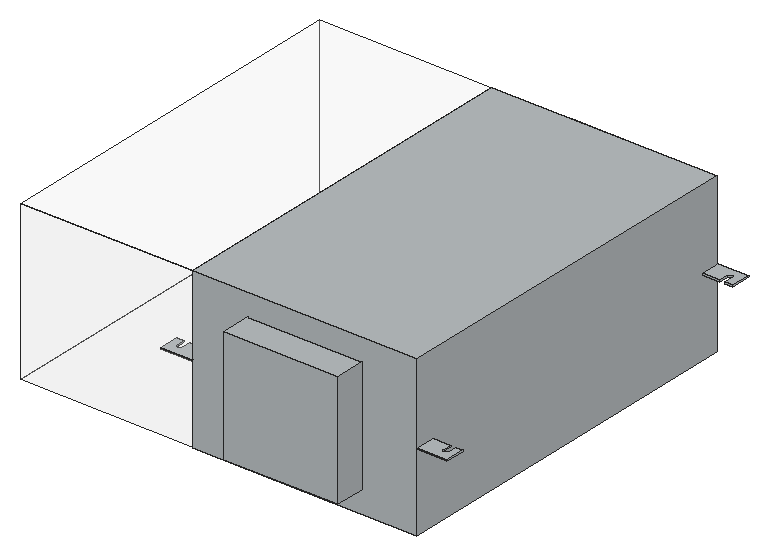
Revit family "7_天吊埋込タイプ 消音形(角ダクト) 3相200V-60", category 機械設備, Revit 2019
Family settings
  丸型コネクタ寸法 = 直径を使用
  パーツ タイプ = 割り込み
  OmniClass 番号 = 23.75.35.17.27
  OmniClass タイトル = Centrifugal Fans
  作業面ベース = いいえ
  常に垂直 = はい
  ロード時にボイドで切り取り = いいえ
  共有 = いいえ
  部屋計算ポイント = はい
Parameters (values of type "BFS-300TUA1-60")
  騒音レベル(dB(A))_吸込 = 50
  騒音レベル(dB(A))_吐出 = 73
  騒音レベル(dB(A))_側面 = 44
  騒音レベル(dB(A)) = 73
  風量 [instance] = 設計風量  # 0.0 m³/h
  電源種別 [instance] = "一般"
  電圧 = 200 V
  電動機出力 = 1500 W
  電動機_種別 [instance] = ""
  運転質量 = 0.00 kg
  連動 [instance] = ""
  質量 = if(製品質量 > 運転質量, 製品質量, 運転質量) * 1.2  # 52.80 kg
  負荷分類 = 3_ファン類
  説明 = "ストレートシロッコファン天吊埋込タイプ（消音形）"
  設計風量 [instance] = 0.0 m³/h
  設置方法 = "天吊"
  記号 [instance] = ""
  製造元 = "三菱電機株式会社"
  製品質量 = 44.00 kg
  製品出荷対象 = "国内"
  製品リリース年月 = "2005年11月1日"
  製品グループ = ""
  系統 [instance] = ""
  符号 [instance] = if(☑給気／□排気, "FS", "FE")  # "FE"
  積算_科目 = "2 換気設備"
  積算_拾い区分 [instance] = ""
  相 = 3
  盤記号 [instance] = ""
  盤工事区分 = "電気工事"
  発停方法 [instance] = "別売スイッチ"
  番手 = "#2"
  特殊仕様 [instance] = ""
  点検口位置 = 80 mm
  火災停止 = ""
  消費電力 = 1270 W
  法定耐用年数 = "15"
  機外静圧 [instance] = 0.0 Pa
  極数 = 3
  極 = 4
  材質 [instance] = ""
  本体マテリアル = 溶融亜鉛めっき鋼板
  操作・制御方式 = ""
  操作・制御スイッチ = ""
  排気量 [instance] = if(☑給気／□排気, 0.0 m³/h, 設計風量)  # 0.0 m³/h
  形式 = ""
  形名 = BFS-TUA1 : BFS-300TUA1-60
  幹線記号 [instance] = ""
  対象室 [instance] = ""
  実風量 = 0.0 m³/h
  始動方式 [instance] = "直入"
  外気量 [instance] = if(☑給気／□排気, 設計風量, 0.0 m³/h)  # 0.0 m³/h
  呼称 = "消音ボックス付送風機"
  周波数 = 60 Hz
  天吊金具ピッチ幅 = 695 mm
  天吊金具ピッチ奥行 = 924 mm
  参照している仕様書等のバージョン = ""
  分類コード = "50052502100020"
  分類グループ = ""
  価格 = 233000
  企業コード = "108420"
  付属品_防振装置 = ""
  付属品 [instance] = ""
  仕様書バージョン = "Version1.0"
  モデル = "BFS-300TA1-60"
  ファンの種類 = "多翼形"
  ダクト高 = 298 mm
  ダクト幅 = 298 mm
  サービススペース = yes
  コメント [instance] = ""
  Keynote = ""
  ☑給気／□排気 [instance] = no
  d1 = 100 mm
  Width = 586 mm
  Version = ""
  Uniclass2015Version = "Systems v1.9"
  Uniclass2015Title = "Centrifugal fans"
  Uniclass2015Code = "Pr_65_67_29_12"
  URL = "https://www.mitsubishielectric.co.jp/ldg/wink/ssl/displayProduct.do?pid=138113"
  SpecificationReference = ""
  SpecificationDescription = ""
  Revision = ""
  ProductInformation = ""
  OmniClassCode = "23-33 31 19 13 15"
  MIN風量 = 0.0 m³/h
  MIN静圧 = 0.0 Pa
  MID風量 = 0.0 m³/h
  MID静圧 = 0.0 Pa
  MAX風量 = 3000.0 m³/h
  MAX静圧 = 460.0 Pa
  M = 79 mm
  IfcTypeProduct = ""
  IfcProduct = ""
  IfcExportType = "CENTRIFUGALFORWARDCURVED"
  IfcExportAs = "IfcFanType"
  Height = 413 mm
  Depth = 977 mm
  Clearance Top = 0 mm  # constant formula
  Clearance Right = 0 mm  # constant formula
  Clearance Left = 450 mm  # constant formula
  Clearance Front = 0 mm  # constant formula
  Clearance Bottom = 0 mm  # constant formula
  Clearance Back = 0 mm  # constant formula
  Author = "三菱電機株式会社"
Types (5, lengths in mm): name | 騒音レベル(dB(A))_吸込 | 騒音レベル(dB(A))_吐出 | 騒音レベル(dB(A))_側面 | 騒音レベル(dB(A)) | 電動機出力 | 質量 | 製品質量 | 製品リリース年月 | 番手 | 点検口位置 | 消費電力 | 形名 | 天吊金具ピッチ幅 | 天吊金具ピッチ奥行 | 参照している仕様書等のバージョン | 価格 | モデル | ダクト高 | ダクト幅 | Width | URL | MAX風量 | MAX静圧 | M | Height | Depth
  BFS-800TU | 61.5 | 71 | 46.5 | 71 | 3500 W | 144.00 kg | 120.00 kg | "2015年4月20日" | "#2×3" | 281 | 3400 W | BFS-TUA1 : BFS-800TU | 1061 | 1630 | "" | 800000 | "BFS-800TU" | 298 | 798 | 950 | "https://www.mitsubishielectric.co.jp/ldg/wink/ssl/displayProduct.do?pid=255870" | 8000.0 m³/h | 450.0 Pa | 80 | 433 | 1682
  BFS-1000TU | 62 | 71.5 | 47 | 71.5 | 4400 W | 180.00 kg | 150.00 kg | "2015年4月20日" | "#2×4" | 281 | 4550 W | BFS-TUA1 : BFS-1000TU | 1181 | 1850 | "" | 850000 | "BFS-1000TU" | 298 | 898 | 1070 | "https://www.mitsubishielectric.co.jp/ldg/wink/ssl/displayProduct.do?pid=255869" | 10000.0 m³/h | 455.0 Pa | 80 | 433 | 1902
  BFS-450TUA | 53.5 | 73 | 43 | 73 | 2200 W | 93.60 kg | 78.00 kg | "2003年4月" | "#1 1/2×2" | 282.5 | 1500 W | BFS-TUA1 : BFS-450TUA | 989 | 962 | "公共建築工事標準仕様書（機械設備工事編）平成31年度版" | 375000 | "BFS-450TUA" | 248 | 698 | 884 | "https://www.mitsubishielectric.co.jp/ldg/wink/ssl/displayProduct.do?pid=41990" | 4500.0 m³/h | 380.0 Pa | 79 | 373 | 1010
  BFS-300TUA1-60 | 50 | 73 | 44 | 73 | 1500 W | 52.80 kg | 44.00 kg | "2005年11月1日" | "#2" | 80 | 1270 W | BFS-TUA1 : BFS-300TUA1-60 | 695 | 924 | "" | 233000 | "BFS-300TA1-60" | 298 | 298 | 586 | "https://www.mitsubishielectric.co.jp/ldg/wink/ssl/displayProduct.do?pid=138113" | 3000.0 m³/h | 460.0 Pa | 79 | 413 | 977
  BFS-550TUA1-60 | 56 | 73 | 48 | 73 | 3000 W | 108.00 kg | 90.00 kg | "2005年11月1日" | "#2×2" | 282 | 2390 W | BFS-TUA1 : BFS-550TUA1-60 | 1124 | 1033 | "" | 417000 | "BFS-550TUA1-60" | 298 | 748 | 1020 | "https://www.mitsubishielectric.co.jp/ldg/wink/ssl/displayProduct.do?pid=138115" | 5500.0 m³/h | 420.0 Pa | 79 | 413 | 1078
Reference planes
  plane 1 "中心(正面/背面)": y = 0
  plane 2: z = 0
  plane 3 "中心(左/右)": x = 0
  plane 4 "左": x = -293
  plane 5 "右": x = 293
  plane 6 "背面": y = 488.5
  plane 7 "正面": y = -488.5
  plane 8: z = 206.5
  plane 9: y = 462
  plane 10: y = -462
  plane 11: x = 347.5
  plane 12: x = -347.5
  plane 13: z = -206.5
  plane 14: z = 206.5
  plane 15: z = -206.5
  plane 16: y = 488.5
  plane 17: y = -488.5
  plane 18: x = 293
  plane 19: x = -743
  plane 20: x = -373
Dimensions and locks
  "Width": plane 4 "左" to plane 5 "右"
  equal spacing: plane 7 "正面", plane 1 "中心(正面/背面)", plane 6 "背面"
  "Depth": plane 7 "正面" to plane 6 "背面"
  equal spacing: plane 8, level, plane 13
  "Height": plane 8 to plane 13
  "天吊金具ピッチ幅": plane 12 to plane 11
  equal spacing: plane 10, plane 1 "中心(正面/背面)", plane 9
  "天吊金具ピッチ奥行": plane 10 to plane 9
  "Clearance Top": plane 14 to plane 8
  "Clearance Bottom": plane 13 to plane 15
  "Clearance Right": plane 5 "右" to plane 18
  "Clearance Left": plane 19 to plane 4 "左"
  "Clearance Back": plane 6 "背面" to plane 16
  "Clearance Front": plane 17 to plane 7 "正面"
  equal spacing: plane 12, plane 3 "中心(左/右)", plane 11
  equal spacing: plane 4 "左", plane 3 "中心(左/右)", plane 5 "右"
  "点検口位置": plane 20 to plane 4 "左"
  aligned and locked: level to plane 2
  aligned and locked: nested 2 to plane 9
  aligned and locked: plane 10 to nested 2
  aligned and locked: plane 12 to nested 2
  aligned and locked: plane 11 to nested 2
  aligned and locked: plane 8 to nested 1
  aligned and locked: nested 1 to plane 13
  aligned and locked: plane 19 to nested 3
  aligned and locked: plane 17 to nested 3
  aligned and locked: plane 14 to nested 3
  aligned and locked: plane 15 to nested 3
  aligned and locked: plane 16 to nested 3
  aligned and locked: plane 4 "左" to nested 3
  aligned and locked: plane 1 "中心(正面/背面)" to nested 1
  aligned and locked: nested 1 to plane 3 "中心(左/右)"
Nested families
  nested 1: "BFS-TUA1" at (0, 0, -206.5) x (0, -1, 0) z (0, 0, 1), type <- "形名", type "BFS-300TUA1-60"
  nested 2: "固定点" at (-347.5, -462, 0), type "固定点"
    with 中心円 13.5 mm, W 695 mm, D 924 mm
  nested 3: "サービススペース" at (-518, 0, 0), visible <- "サービススペース", type "サービススペース"
    with Width 450 mm, Height 413 mm, Depth 977 mm
Connectors
  hvac at (0, -567.5, 0), driven by "ダクト高", driven by "ダクト幅", driven by "機外静圧", driven by "風量"
    settings: on nested 1, index 2, duct flow 0.0 m³/h, flow factor 0, pres drop 0.0 Pa, loss coef 0, conn angle 0.00°, conn width 298 mm, conn height 298 mm, conn diameter 609.6 mm, duct sys type 29, conn prof type 1, flow config 0, flow direction 2, loss method 4, conn ref index -1, conn util no, is conn primary yes, conn desc "Out"
  hvac at (0, 567.5, 0), driven by "ダクト高", driven by "ダクト幅", driven by "機外静圧", driven by "風量"
    settings: on nested 1, index 3, duct flow 0.0 m³/h, flow factor 0, pres drop 0.0 Pa, loss coef 0, conn angle 0.00°, conn width 298 mm, conn height 298 mm, conn diameter 609.6 mm, duct sys type 29, conn prof type 1, flow config 0, flow direction 1, loss method 4, conn ref index -1, conn util no, is conn primary no, conn desc "In"
  electrical at (-322.5, -360.5, -64), driven by "極数", driven by "負荷分類", driven by "電圧", driven by "消費電力"
    settings: on nested 1, index 4, voltage 200 V, apparent load 1270 VA, apparent load phase1 0 VA, apparent load phase2 0 VA, apparent load phase3 0 VA, power factor 1, load classification "3_ファン類", number of poles 3, system type 30, power factor state 1, is connector primary yes, connector utility no, sub classification motor no, connector description ""
Definition of nested family "BFS-TUA1"
  Parameters (values of type "BFS-300TUA1-50")
    端子カバー高 = 99 mm
    端子カバー手前位置 = 62.5 mm
    端子カバー幅 = 29.5 mm
    端子カバー奥行 = 131 mm
    端子カバー上位置 = 221 mm
    吊りボルト-φ = 13.5 mm
    吊りボルト-W2 = 52 mm
    吊りボルト-W1 = 924 mm
    吊りボルト-D2 = 746 mm
    吊りボルト-D1 = 695 mm
    吊りボルト-2 = no
    吊りボルト-1 = yes
    マテリアル = none
    ダクト-D = 298 mm
    ダクト-W = 298 mm
    b = 430 mm
    a = 79 mm
    W = 977 mm
    H = 413 mm
    D = 586 mm
  Types (7, lengths in mm): name | 端子カバー高 | 端子カバー手前位置 | 端子カバー幅 | 端子カバー奥行 | 端子カバー上位置 | 吊りボルト-φ | 吊りボルト-W2 | 吊りボルト-W1 | 吊りボルト-D2 | 吊りボルト-D1 | 吊りボルト-2 | 吊りボルト-1 | ダクト-D | ダクト-W | b | a | W | H | D
    BFS-300TUA1-50 | 99 | 62.5 | 29.5 | 131 | 221 | 13.5 | 52 | 924 | 746 | 695 | no | yes | 298 | 298 | 430 | 79 | 977 | 413 | 586
    BFS-300TUA1-60 | 99 | 62.5 | 29.5 | 131 | 221 | 13.5 | 52 | 924 | 746 | 695 | no | yes | 298 | 298 | 430 | 79 | 977 | 413 | 586
    BFS-450TUA | 99 | 36.5 | 29.5 | 131 | 200.7 | 14 | 50 | 962 | 1049 | 989 | yes | no | 248 | 698 | 561 | 79 | 1010 | 373 | 884
    BFS-550TUA1-50 | 99 | 36.5 | 29.5 | 131 | 224.5 | 14 | 50 | 1033 | 1184 | 1124 | yes | no | 298 | 748 | 608 | 79 | 1078 | 413 | 1020
    BFS-550TUA1-60 | 99 | 36.5 | 29.5 | 131 | 224.5 | 14 | 50 | 1033 | 1184 | 1124 | yes | no | 298 | 748 | 608 | 79 | 1078 | 413 | 1020
    BFS-800TU | 150 | 298 | 36 | 360 | 63 | 13.5 | 52 | 1630 | 1112 | 1061 | no | yes | 298 | 798 | 608 | 80 | 1682 | 433 | 950
    BFS-1000TU | 150 | 622 | 36 | 360 | 63 | 13.5 | 52 | 1850 | 1232 | 1181 | no | yes | 298 | 898 | 608 | 80 | 1902 | 433 | 1070
  Reference planes
    plane 1 "中心(正面/背面)": y = 0
    plane 2: z = 0
    plane 3 "中心(左/右)": x = 0
    plane 4: y = 293
    plane 5: y = 347.5
    plane 6: y = 373
    plane 7: y = -293
    plane 8: y = -347.5
    plane 9: y = -373
    plane 10: x = -488.5
    plane 11: x = -462
    plane 12: x = -491.5
    plane 13: x = 488.5
    plane 14: x = 462
    plane 15: x = 491.5
    plane 16: z = 413
    plane 17: x = -4
    plane 18: x = 426
    plane 19: x = 567.5
    plane 20: x = -567.5
    plane 21: z = 206.5
    plane 22: z = 203.5
    plane 23: z = 165.5
    plane 24: x = -439.5
    plane 25: z = 188.5
    plane 26: x = 439.5
    plane 27: y = 296
    plane 28: x = 557.5
    plane 29: x = 498.5
    plane 30: x = -498.5
    plane 31: x = -557.5
    plane 32: x = 295
    plane 33: z = 192
    plane 34: z = 93
    plane 35: y = -322.5
    plane 36: y = 149
    plane 37: y = -149
    plane 38: z = 57.5
    plane 39: z = 355.5
    plane 40: z = -20
  Forms (mm)
    Extrusion 1, solid, material <- "マテリアル", detail levels fine
      sketch origin (0, 0, 0) x (1, 0, 0) y (0, 1, 0)
        loop
          line (-488.5, 293) -> (-488.5, -293) -> (488.5, -293) -> (488.5, 293) -> (-488.5, 293)
      from 0 to 413
    Extrusion 2, solid, material <- "マテリアル", visible <- "吊りボルト-1", detail levels fine
      sketch origin (0, 0, 0) x (1, 0, 0) y (0, 1, 0)
        loop
          line (-491.5, -293) -> (-491.5, -373) -> (-439.5, -373) -> (-439.5, -354.25) -> (-462, -354.25)
          arc (-462, -354.25) -> (-468.75, -347.5) -> (-462, -340.75) r 6.75
          line (-462, -340.75) -> (-439.5, -340.75) -> (-439.5, -293) -> (-491.5, -293)
      from 203.5 to 206.5
    Extrusion 3, solid, material <- "マテリアル", visible <- "吊りボルト-1", detail levels fine
      sketch origin (0, 0, 0) x (1, 0, 0) y (0, 1, 0)
        loop
          line (-491.5, 293) -> (-439.5, 293) -> (-439.5, 340.75) -> (-462, 340.75)
          arc (-462, 340.75) -> (-468.75, 347.5) -> (-462, 354.25) r 6.75
          line (-462, 354.25) -> (-439.5, 354.25) -> (-439.5, 373) -> (-491.5, 373) -> (-491.5, 293)
      from 203.5 to 206.5
    Extrusion 4, solid, material <- "マテリアル", visible <- "吊りボルト-1", detail levels fine
      sketch origin (0, 0, 0) x (-1, 0, 0) y (0, -1, 0)
        loop
          line (-491.5, -293) -> (-491.5, -373) -> (-439.5, -373) -> (-439.5, -354.25) -> (-462, -354.25)
          arc (-462, -354.25) -> (-468.75, -347.5) -> (-462, -340.75) r 6.75
          line (-462, -340.75) -> (-439.5, -340.75) -> (-439.5, -293) -> (-491.5, -293)
      from 203.5 to 206.5
    Extrusion 5, solid, material <- "マテリアル", visible <- "吊りボルト-1", detail levels fine
      sketch origin (0, 0, 0) x (-1, 0, 0) y (0, -1, 0)
        loop
          line (-491.5, 293) -> (-439.5, 293) -> (-439.5, 340.75) -> (-462, 340.75)
          arc (-462, 340.75) -> (-468.75, 347.5) -> (-462, 354.25) r 6.75
          line (-462, 354.25) -> (-439.5, 354.25) -> (-439.5, 373) -> (-491.5, 373) -> (-491.5, 293)
      from 203.5 to 206.5
    Extrusion 6, solid, material <- "マテリアル", detail levels fine
      sketch origin (0, 0, 0) x (1, 0, 0) y (0, 0, 1)
        loop
          line (426, 192) -> (295, 192) -> (295, 93) -> (426, 93) -> (426, 192)
      from 293 to 322.5
    Extrusion 7, solid, material <- "マテリアル", detail levels fine
      sketch origin (0, 0, 0) x (1, 0, 0) y (0, 1, 0)
        loop
          line (-567.5, 149) -> (-567.5, -149) -> (-488.5, -149) -> (-488.5, 149) -> (-567.5, 149)
        loop
          line (567.5, 149) -> (488.5, 149) -> (488.5, -149) -> (567.5, -149) -> (567.5, 149)
      from 57.5 to 355.5
    Extrusion 8, solid, material <- "マテリアル", visible <- "吊りボルト-2", detail levels fine
      sketch origin (0, 0, 0) x (1, 0, 0) y (0, 1, 0)
        loop
          line (-439.5, 373) -> (-491.5, 373) -> (-491.5, 354.25) -> (-462, 354.25)
          arc (-462, 354.25) -> (-455.25, 347.5) -> (-462, 340.75) r 6.75
          line (-462, 340.75) -> (-491.5, 340.75) -> (-491.5, -340.75) -> (-462, -340.75)
          arc (-462, -340.75) -> (-455.25, -347.5) -> (-462, -354.25) r 6.75
          line (-462, -354.25) -> (-491.5, -354.25) -> (-491.5, -373) -> (-439.5, -373) -> (-439.5, 373)
        loop
          line (439.5, 373) -> (439.5, -373) -> (491.5, -373) -> (491.5, -354.25) -> (462, -354.25)
          arc (462, -354.25) -> (455.25, -347.5) -> (462, -340.75) r 6.75
          line (462, -340.75) -> (491.5, -340.75) -> (491.5, 340.75) -> (462, 340.75)
          arc (462, 340.75) -> (455.25, 347.5) -> (462, 354.25) r 6.75
          line (462, 354.25) -> (491.5, 354.25) -> (491.5, 373) -> (439.5, 373)
      from -20 to 0
  Dimensions and locks
    plane 12 to plane 15 = 983 mm
    "吊りボルト-W1": plane 11 to plane 14
    "W": plane 10 to plane 13
    "吊りボルト-D2": plane 9 to plane 6
    "吊りボルト-D1": plane 8 to plane 5
    "D": plane 7 to plane 4
    equal spacing: plane 7, plane 1 "中心(正面/背面)", plane 4
    equal spacing: plane 10, plane 3 "中心(左/右)", plane 13
    "H": plane 16 to level
    locked: plane 13 to plane 15 at 3
    locked: plane 12 to plane 10 at 3
    equal spacing: plane 16, plane 21, level
    locked: plane 21 to plane 22 at 3
    locked: plane 21 to plane 23 at 41
    "吊りボルト-W2": plane 12 to plane 24
    locked: plane 22 to plane 25 at 15
    "吊りボルト-W2": plane 26 to plane 15
    locked: plane 27 to plane 4 at 3
    "a": plane 20 to plane 10
    "a": plane 13 to plane 19
    locked: plane 20 to plane 31 at 10
    locked: plane 30 to plane 10 at 10
    locked: plane 13 to plane 29 at 10
    locked: plane 28 to plane 19 at 10
    "端子カバー手前位置": plane 13 to plane 18
    "b": plane 18 to plane 17
    "端子カバー奥行": plane 18 to plane 32
    "端子カバー高": plane 33 to plane 34
    "端子カバー幅": plane 35 to plane 7
    equal spacing: plane 11, plane 3 "中心(左/右)", plane 14
    equal spacing: plane 8, plane 1 "中心(正面/背面)", plane 5
    equal spacing: plane 9, plane 1 "中心(正面/背面)", plane 6
    equal spacing: plane 37, plane 1 "中心(正面/背面)", plane 36
    "ダクト-W": plane 37 to plane 36
    "ダクト-D": plane 39 to plane 38
    equal spacing: plane 39, plane 21, plane 38
    locked: level to plane 40 at 20
    "端子カバー上位置": plane 16 to plane 33
    "吊りボルト-φ": diameter of Extrusion 3 sketch curve
    "吊りボルト-φ": diameter of Extrusion 4 sketch curve
    "吊りボルト-φ": diameter of Extrusion 2 sketch curve
    "吊りボルト-φ": diameter of Extrusion 5 sketch curve
    "吊りボルト-φ": diameter of Extrusion 8 sketch curve  (x4)
    aligned and locked: level to plane 2
    aligned and locked: plane 4 to Extrusion 1 sketch curve
    aligned and locked: plane 10 to Extrusion 1 sketch curve
    aligned and locked: Extrusion 1 sketch curve to plane 7
    aligned and locked: Extrusion 1 sketch curve to plane 13
    aligned and locked: plane 16 to Extrusion 1
    aligned and locked: plane 7 to Extrusion 2 sketch curve
    aligned and locked: plane 12 to Extrusion 2 sketch curve
    aligned and locked: Extrusion 2 sketch curve to plane 9
    aligned and locked: Extrusion 2 sketch curve to plane 24  (x2)
    aligned and locked: plane 11 to Extrusion 2 sketch curve
    aligned and locked: plane 8 to Extrusion 2 sketch curve
    aligned and locked: plane 21 to Extrusion 2
    aligned and locked: Extrusion 2 to plane 22
    aligned and locked: plane 24 to Extrusion 3 sketch curve  (x2)
    aligned and locked: plane 5 to Extrusion 3 sketch curve
    aligned and locked: plane 11 to Extrusion 3 sketch curve
    aligned and locked: Extrusion 3 sketch curve to plane 6
    aligned and locked: Extrusion 3 sketch curve to plane 12
    aligned and locked: plane 4 to Extrusion 3 sketch curve
    aligned and locked: plane 21 to Extrusion 3
    aligned and locked: Extrusion 3 to plane 22
    aligned and locked: Extrusion 4 to plane 6
    aligned and locked: plane 15 to Extrusion 4
    aligned and locked: Extrusion 4 to plane 26
    aligned and locked: plane 26 to Extrusion 4 sketch curve  (x2)
    aligned and locked: plane 6 to Extrusion 4 sketch curve
    aligned and locked: Extrusion 4 sketch curve to plane 15
    aligned and locked: plane 5 to Extrusion 4 sketch curve
    aligned and locked: plane 14 to Extrusion 4 sketch curve
    aligned and locked: Extrusion 4 sketch curve to plane 4
    aligned and locked: Extrusion 4 to plane 22
    aligned and locked: plane 21 to Extrusion 4
    aligned and locked: plane 9 to Extrusion 5 sketch curve
    aligned and locked: plane 15 to Extrusion 5 sketch curve
    aligned and locked: Extrusion 5 sketch curve to plane 7
    aligned and locked: Extrusion 5 sketch curve to plane 26  (x2)
    aligned and locked: plane 14 to Extrusion 5 sketch curve
    aligned and locked: plane 8 to Extrusion 5 sketch curve
    aligned and locked: Extrusion 5 to plane 22
    aligned and locked: plane 21 to Extrusion 5
    aligned and locked: plane 33 to Extrusion 6 sketch curve
    aligned and locked: plane 18 to Extrusion 6 sketch curve
    aligned and locked: Extrusion 6 sketch curve to plane 34
    aligned and locked: Extrusion 6 sketch curve to plane 32
    aligned and locked: Extrusion 6 to plane 7
    aligned and locked: plane 36 to Extrusion 7 sketch curve
    aligned and locked: plane 20 to Extrusion 7 sketch curve
    aligned and locked: Extrusion 7 sketch curve to plane 37
    aligned and locked: Extrusion 7 sketch curve to plane 10
    aligned and locked: Extrusion 7 sketch curve to plane 36
    aligned and locked: plane 19 to Extrusion 7 sketch curve
    aligned and locked: plane 37 to Extrusion 7 sketch curve
    aligned and locked: Extrusion 7 sketch curve to plane 13
    aligned and locked: plane 39 to Extrusion 7
    aligned and locked: Extrusion 7 to plane 38
    aligned and locked: Extrusion 8 sketch curve to plane 24
    aligned and locked: Extrusion 8 sketch curve to plane 12  (x3)
    aligned and locked: Extrusion 8 sketch curve to plane 6
    aligned and locked: Extrusion 8 sketch curve to plane 9
    aligned and locked: plane 11 to Extrusion 8 sketch curve  (x2)
    aligned and locked: Extrusion 8 sketch curve to Extrusion 3
    aligned and locked: Extrusion 8 sketch curve to Extrusion 2
    aligned and locked: plane 6 to Extrusion 8 sketch curve
    aligned and locked: Extrusion 8 sketch curve to plane 15  (x3)
    aligned and locked: Extrusion 8 sketch curve to plane 26
    aligned and locked: plane 5 to Extrusion 8 sketch curve
    aligned and locked: plane 14 to Extrusion 8 sketch curve  (x2)
    aligned and locked: plane 9 to Extrusion 8 sketch curve
    aligned and locked: plane 8 to Extrusion 8 sketch curve
    aligned and locked: Extrusion 8 to plane 40
    aligned and locked: level to Extrusion 8
    aligned and locked: plane 35 to Extrusion 6
  Automatic sketch dimensions
    Extrusion 2 sketch curve to plane 11 = 0 mm
    Extrusion 3 sketch curve to plane 11 = 0 mm
    Extrusion 4 sketch curve to plane 14 = 0 mm
    Extrusion 5 sketch curve to plane 14 = 0 mm
    Extrusion 8 sketch curve to plane 11 = 0 mm
Definition of nested family "サービススペース"
  Parameters (values of type "サービススペース")
    Width [instance] = 500 mm
    Height [instance] = 500 mm
    Depth [instance] = 500 mm
  Reference planes
    plane 1 "中心(正面/背面)": y = 0
    plane 2: z = 0
    plane 3 "中心(左/右)": x = 0
    plane 4: y = -250
    plane 5: x = 250
    plane 6: y = 250
    plane 7: x = -250
    plane 8: z = 250
    plane 9: z = -250
  Forms (mm)
    Extrusion 1, solid
      sketch origin (-638.939, 0, 72.39) x (1, 0, 0) y (0, 1, 0)
        loop
          line (388.939, 250) -> (388.939, -250) -> (888.939, -250) -> (888.939, 250) -> (388.939, 250)
      from -322.39 to 177.61
  Lines and regions (mm)
    symbolic lines
      curve 1: line (-250, 0, 250) -> (250, 0, 250)
      curve 2: line (-250, 0, -250) -> (-250, 0, 250)
      curve 3: line (250, 0, -250) -> (-250, 0, -250)
      curve 4: line (250, 0, 250) -> (250, 0, -250)
      curve 5: line (0, -250, 250) -> (0, 250, 250)
      curve 6: line (0, -250, -250) -> (0, -250, 250)
      curve 7: line (0, 250, -250) -> (0, -250, -250)
      curve 8: line (0, 250, 250) -> (0, 250, -250)
      curve 9: line (-250, 250, 0) -> (250, 250, 0)
      curve 10: line (-250, -250, 0) -> (-250, 250, 0)
      curve 11: line (250, -250, 0) -> (-250, -250, 0)
      curve 12: line (250, 250, 0) -> (250, -250, 0)
  Dimensions and locks
    equal spacing: plane 7, plane 3 "中心(左/右)", plane 5
    equal spacing: plane 4, plane 1 "中心(正面/背面)", plane 6
    "Depth": plane 4 to plane 6
    "Width": plane 7 to plane 5
    equal spacing: plane 8, plane 2, plane 9
    "Height": plane 8 to plane 9
    aligned and locked: plane 9 to curve 3
    aligned and locked: plane 7 to curve 2
    aligned and locked: curve 4 to plane 5
    aligned and locked: plane 5 to Extrusion 1
    aligned and locked: Extrusion 1 to plane 7
    aligned and locked: Extrusion 1 to plane 9
    aligned and locked: plane 8 to Extrusion 1
    aligned and locked: plane 9 to curve 7
  Automatic sketch dimensions
    plane 4 to Extrusion 1 sketch curve = 0 mm
    Extrusion 1 sketch curve to plane 7 = 0 mm
    Extrusion 1 sketch curve to plane 5 = 0 mm
    plane 6 to Extrusion 1 sketch curve = 0 mm
    curve 2 to plane 8 = 0 mm
    plane 4 to curve 11 = 0 mm
    curve 11 to plane 7 = 0 mm
    curve 11 to plane 5 = 0 mm
    plane 6 to curve 10 = 0 mm
    curve 7 to plane 4 = 0 mm
    curve 7 to plane 6 = 0 mm
    curve 6 to plane 8 = 0 mm
Definition of nested family "固定点"
  Parameters (values of type "固定点")
    中心円 [instance] = if(and(960 mm < W, W < 1034 mm), 14 mm, 13.5 mm)  # 14 mm
    W [instance] = 1000 mm
    D [instance] = 1000 mm
  Reference planes
    plane 1 "中心(正面/背面)": y = 0
    plane 2: z = 0
    plane 3 "中心(左/右)": x = 0
    plane 4: x = 1000
    plane 5: y = 1000
  Lines and regions (mm)
    symbolic lines, detail levels fine
      curve 1: circle (0, 1000, 0) r 7 normal (0, 0, 1)
      curve 2: circle (0, 0, 0) r 7 normal (0, 0, 1)
      curve 3: circle (1000, 1000, 0) r 7 normal (0, 0, 1)
      curve 4: circle (1000, 0, 0) r 7 normal (0, 0, 1)
      curve 5: line (-200, 1000, 0) -> (1200, 1000, 0)
      curve 6: line (-200, 0, 0) -> (1200, 0, 0)
      curve 7: line (0, 1200, 0) -> (0, -200, 0)
      curve 8: line (1000, 1200, 0) -> (1000, -200, 0)
  Dimensions and locks
    "W": plane 3 "中心(左/右)" to plane 4
    "D": plane 1 "中心(正面/背面)" to plane 5
    "中心円": diameter of curve 1
    "中心円": diameter of curve 2
    "中心円": diameter of curve 3
    "中心円": diameter of curve 4
    aligned and locked: level to plane 2
    aligned and locked: plane 5 to curve 1
    aligned and locked: plane 3 "中心(左/右)" to curve 1
    aligned and locked: plane 3 "中心(左/右)" to curve 2
    aligned and locked: plane 1 "中心(正面/背面)" to curve 2
    aligned and locked: plane 4 to curve 3
    aligned and locked: plane 5 to curve 3
    aligned and locked: plane 1 "中心(正面/背面)" to curve 4
    aligned and locked: plane 4 to curve 4
    aligned and locked: plane 1 "中心(正面/背面)" to curve 6
    aligned and locked: curve 7 to plane 3 "中心(左/右)"
    aligned and locked: curve 8 to plane 4
  Automatic sketch dimensions
    curve 5 to plane 5 = 0 mm
    curve 6 to plane 3 "中心(左/右)" = 200 mm
    curve 5 to plane 3 "中心(左/右)" = 200 mm
    curve 4 to curve 6 = 200 mm
    curve 3 to curve 5 = 200 mm
    plane 1 "中心(正面/背面)" to curve 8 = 200 mm
    plane 1 "中心(正面/背面)" to curve 7 = 200 mm
    curve 3 to curve 8 = 200 mm
    curve 1 to curve 7 = 200 mm
